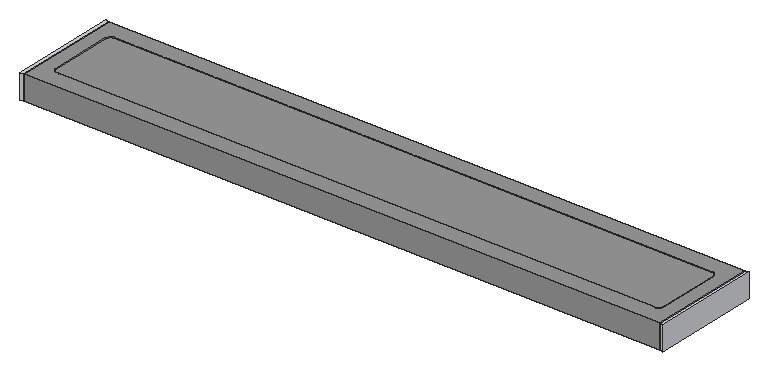
Revit family "0044075 Sylvania Lighting Fixture OPTIX S 1200 MPO D HO 4000K WHITE", category Lighting Fixtures, host Face, Revit 2016
Family settings
  Host = Face
  Part Type = Normal
  Round Connector Dimension = Use Diameter
  OmniClass Number = 23.80.70.00
  OmniClass Title = Lighting
  Cut with Voids When Loaded = No
  Light Source = Yes
  Shared = No
  Room Calculation Point = No
Parameters (values of type "0044075 OPTIX S 1200 MPO D HO 4K WHITE")
  spacer height = 5 mm
  spacer centres = 1000 mm
  lens width = 1135 mm
  full length = 1200 mm
  Width = 200 mm
  Weight = "n/a"
  Wattage Comments = ""
  Wattage = 9.2903 W
  WarrantyStartDate [instance] = "n/a"
  WarrantyGuarantorParts = "n/a"
  WarrantyDurationUnit = "n/a"
  WarrantyDurationParts = ""
  WarrantyDescription = "http://www.sylvania-lighting.com"
  built-in parameter 1150110 = 1 (stored number, unit not read)
  Voltage = 0 V
  URL = "0.95"
  TypeName = "OPTIX S 1200 MPO D HO 4000K WHITE"
  Type Image = <None>
  Type Comments = "n/a"
  built-in parameter 1114217 = 1 (stored number, unit not read)
  Tilt Angle = 90.00°
  built-in parameter 1150109 = 1 (stored number, unit not read)
  built-in parameter 1150134 = 3
  built-in parameter 1150113 = 1 (stored number, unit not read)
  SerialNumber [instance] = "n/a"
  Photometric Web File = "0044075.ies"
  Material_3_FEILO = none
  PowerFactor = 0
  PowerConsumption = "Lighting"
  NominalLength = 200 mm
  NominalHeight = 0 mm
  NominalDepth = 0 mm
  Name = "OPTIX S 1200 MPO D HO 4000K WHITE"
  ModelReference = Name  # "OPTIX S 1200 MPO D HO 4000K WHITE"
  ModelNumber = "0044075"
  Model = Name  # "OPTIX S 1200 MPO D HO 4000K WHITE"
  Material = "Feilo Sylvania"
  ManufacturerName = "118 lm/W"
  Manufacturer = ""
  LuminousEfficacy = ""
  built-in parameter 1150105 = 109.82 (stored number, unit not read)
  Lumens = 1380 lm
  LuminaireType = "0"
  built-in parameter 1150115 = 1 (stored number, unit not read)
  LightOutputRatio = "LED"
  built-in parameter 1150137 = (empty or 0)
  built-in parameter 1150139 = (empty or 0)
  Lens Width = 135 mm
  Length = 1188 mm
  LampsType = Lamp  # "n/a"
  LampNominalLuminous = "4000 K"
  LampMacAdamStep = "80"
  LampColourTemperature = "LED"
  LampColourRenderingIndex = "16500"
  built-in parameter 1150112 = 1 (stored number, unit not read)
  built-in parameter 1150114 = 1 (stored number, unit not read)
  Lamp = "n/a"
  Keynote = "n/a"
  InstallationDate [instance] = "n/a"
  InputVoltage = "0"
  InputNominalFrequency = "4000"
  built-in parameter 1150132 = (empty or 0)
  built-in parameter 1150102 = (empty or 0)
  built-in parameter 1150107 = 3200 (stored number, unit not read)
  built-in parameter 1150138 = (empty or 0)
  IngressProtection = "IfcLightFixtureType"
  ImpactProtectionIndex = "IfcLightFixtureType"
  built-in parameter 1150106 = 1.0982 (stored number, unit not read)
  IfcExportType = "IfcLightFixtureType"
  IfcExportAs = "Class I"
  Height = 50 mm
  ExpectedLife = 50000
  Emit from Circle Diameter = 609.6 mm
  Emit Shape Visible in Rendering = no
  ElectricShockClassification = "118"
  built-in parameter 1150104 = 13.8 (stored number, unit not read)
  DurationUnit = "hours"
  DocumentationLiterature = "http://www.sylvania-lighting.com/product/en-int/products/0044075"
  DimmingControlOptions = "n/a"
  Material_2_FEILO = none
  Dimming Lamp Color Temperature Shift = <None>
  Description = "OPTIX S 1200 MPO D HO 4K WHITE is a high efficacy low glare surface or suspended LED Linear luminaire with Micro Prismatic Optic, with direct light distribution, luminaire dimensions: 1200x200x50mm, Sylvania White body colour (RAL9016), IP20, IK07, Constant Current driver, low LED flicker (+/-5%), Neutral White (4000K) LED Colour Temperature, 3550lm luminous flux, 30W power consumption, 118lm/W system efficacy, CRI>80, SDCM 3 (3-step MacAdam ellipse) LED Colour Consistency, UGR<20, Luminance at 65° < 3000 cd/m2, lumen maintenance: L90B50 at 60000h, photobiological safety risk group 1. Electrical protection Class I."
  Default Elevation = 1219.2 mm
  CreatedOn = "20/10/2020"
  CreatedBy = "@sylvania-lighting.com"
  Cost = 0
  Color Filter = 16777215
  built-in parameter 1114216 [instance] = (empty or 0)
  ClassificationValue = "EF_70_80"
  ClassificationName = "Uniclass2015"
  Material_1_FEILO = none
  BarCode [instance] = "n/a"
  built-in parameter 1114218 = 1 (stored number, unit not read)
  built-in parameter 1150133 = 10 (stored number, unit not read)
  AssetType = "Fixed"
  AssetIdentifier [instance] = "n/a"
  Assembly Code = "D5020200"
  Apparent Load = 30 VA
  Material_4_FEILO = none
Reference planes
  plane 1 "Center (Front/Back)": y = 0
  plane 2: z = 0
  plane 3 "Center (Left/Right)": x = 0
  plane 4: z = 0
  plane 5: z = 50
  plane 6: y = 100
  plane 7: y = -100
  plane 8: x = -594
  plane 9: x = 594
  plane 10: z = 5
  plane 11: x = -500
  plane 12: x = 500
  plane 13: y = 10
  plane 14: y = -10
  plane 15: x = 487.5
  plane 16: x = 512.5
  plane 17: x = -512.5
  plane 18: x = -487.5
  plane 19: x = -567.5
  plane 20: x = 567.5
  plane 21: y = 67.5
  plane 22: y = -67.5
  plane 23: x = -557.5
  plane 24: y = 57.5
  plane 25: y = -57.5
  plane 26: x = 557.5
  plane 27: x = -600
  plane 28: x = 600
Forms (mm)
  Extrusion 1, solid, material "Aluminum 1100-H18", detail levels medium+fine
    sketch origin (4.2, 0, 0) x (1, 0, 0) y (0, 1, 0)
      loop
        line (-598.2, 100) -> (-598.2, -100) -> (589.8, -100) -> (589.8, 100) -> (-598.2, 100)
    from 5 to 50
  Extrusion 2, solid
    sketch origin (4.2, 0, 0) x (1, 0, 0) y (0, 1, 0)
      loop
        line (483.3, 10) -> (483.3, -10) -> (508.3, -10) -> (508.3, 10) -> (483.3, 10)
    from 0 to 5
  Extrusion 3, solid
    sketch origin (4.2, 0, 0) x (1, 0, 0) y (0, 1, 0)
      loop
        line (-516.7, 10) -> (-516.7, -10) -> (-491.7, -10) -> (-491.7, 10) -> (-516.7, 10)
    from 0 to 5
  Extrusion 4, void, detail levels fine
    sketch origin (4.2, 0, 0) x (0, 1, 0) y (1, 0, 0)
      loop
        line (67.5, -561.7) -> (67.5, 553.3)
        arc (67.5, 553.3) -> (64.571, 560.371) -> (57.5, 563.3) r 10
        line (57.5, 563.3) -> (-57.5, 563.3)
        arc (-57.5, 563.3) -> (-64.571, 560.371) -> (-67.5, 553.3) r 10
        line (-67.5, 553.3) -> (-67.5, -561.7)
        arc (-67.5, -561.7) -> (-64.571, -568.771) -> (-57.5, -571.7) r 10
        line (-57.5, -571.7) -> (57.5, -571.7)
        arc (57.5, -571.7) -> (64.571, -568.771) -> (67.5, -561.7) r 10
    from -50 to -48
  Extrusion 5, solid, detail levels medium+fine
    sketch origin (4.2, 0, 0) x (1, 0, 0) y (0, 1, 0)
      loop
        line (-604.2, 100) -> (-604.2, -100) -> (-598.2, -100) -> (-598.2, 100) -> (-604.2, 100)
    from 5 to 50
  Extrusion 6, solid, detail levels medium+fine
    sketch origin (4.2, 0, 0) x (1, 0, 0) y (0, 1, 0)
      loop
        line (589.8, 100) -> (589.8, -100) -> (595.8, -100) -> (595.8, 100) -> (589.8, 100)
    from 5 to 50
  Extrusion 7, solid, material "Glass, White, High Luminance", detail levels fine
    sketch origin (4.2, 0, 0) x (1, 0, 0) y (0, 1, 0)
      loop
        arc (-561.7, 67.5) -> (-568.771, 64.571) -> (-571.7, 57.5) r 10
        line (-571.7, 57.5) -> (-571.7, -57.5)
        arc (-571.7, -57.5) -> (-568.771, -64.571) -> (-561.7, -67.5) r 10
        line (-561.7, -67.5) -> (553.3, -67.5)
        arc (553.3, -67.5) -> (560.371, -64.571) -> (563.3, -57.5) r 10
        line (563.3, -57.5) -> (563.3, 57.5)
        arc (563.3, 57.5) -> (560.371, 64.571) -> (553.3, 67.5) r 10
        line (553.3, 67.5) -> (-561.7, 67.5)
    from 48 to 49.5
  Extrusion 8, solid, detail levels coarse
    sketch origin (4.2, 0, 0) x (1, 0, 0) y (0, 1, 0)
      loop
        line (-604.2, 100) -> (-604.2, -100) -> (595.8, -100) -> (595.8, 100) -> (-604.2, 100)
    from 0 to 50
Cuts and joins
  Extrusion 4 cuts Extrusion 2
  Extrusion 4 cuts Extrusion 3
  Extrusion 4 cuts Extrusion 1
Dimensions and locks
  "Width": plane 6 to plane 7
  equal spacing: plane 6, plane 1 "Center (Front/Back)", plane 7
  "Length": plane 8 to plane 9
  equal spacing: plane 8, plane 3 "Center (Left/Right)", plane 9
  "spacer height": plane 10 to host face
  "Height": plane 5 to level
  "spacer centres": plane 11 to plane 12
  equal spacing: plane 11, plane 3 "Center (Left/Right)", plane 12
  "lens width": plane 19 to plane 20
  equal spacing: plane 19, plane 3 "Center (Left/Right)", plane 20
  "Lens Width": plane 21 to plane 22
  equal spacing: plane 21, plane 1 "Center (Front/Back)", plane 22
  "full length": plane 27 to plane 28
  equal spacing: plane 27, plane 3 "Center (Left/Right)", plane 28
  aligned and locked: plane 2 to host face
  aligned and locked: level to host face
Automatic sketch dimensions
  host sketch curve to host sketch curve = 2438.4 mm  (x2)
  Extrusion 1 sketch curve to plane 7 = 0 mm
  Extrusion 1 sketch curve to plane 8 = 0 mm
  Extrusion 1 sketch curve to plane 9 = 0 mm
  Extrusion 1 sketch curve to plane 6 = 0 mm
  Extrusion 2 sketch curve to plane 14 = 0 mm
  Extrusion 2 sketch curve to plane 15 = 0 mm
  Extrusion 2 sketch curve to plane 16 = 0 mm
  Extrusion 2 sketch curve to plane 13 = 0 mm
  Extrusion 3 sketch curve to plane 14 = 0 mm
  Extrusion 3 sketch curve to plane 17 = 0 mm
  Extrusion 3 sketch curve to plane 18 = 0 mm
  Extrusion 3 sketch curve to plane 13 = 0 mm
  Extrusion 4 sketch curve to plane 22 = 0 mm
  Extrusion 4 sketch curve to plane 19 = 0 mm
  Extrusion 4 sketch curve to plane 25 = 0 mm  (x2)
  Extrusion 4 sketch curve to plane 20 = 0 mm
  Extrusion 4 sketch curve to plane 24 = 0 mm  (x2)
  Extrusion 4 sketch curve to plane 23 = 0 mm
  Extrusion 5 sketch curve to plane 7 = 0 mm
  Extrusion 5 sketch curve to plane 27 = 0 mm
  Extrusion 5 sketch curve to plane 8 = 0 mm
  Extrusion 5 sketch curve to plane 6 = 0 mm
  Extrusion 6 sketch curve to plane 7 = 0 mm
  Extrusion 6 sketch curve to plane 9 = 0 mm
  Extrusion 6 sketch curve to plane 28 = 0 mm
  Extrusion 6 sketch curve to plane 6 = 0 mm
  Extrusion 7 sketch curve to plane 23 = 0 mm  (x2)
  Extrusion 7 sketch curve to plane 21 = 0 mm
  Extrusion 7 sketch curve to plane 22 = 0 mm
  Extrusion 7 sketch curve to plane 26 = 0 mm  (x2)
  Extrusion 7 sketch curve to plane 20 = 0 mm
  Extrusion 7 sketch curve to plane 24 = 0 mm
  Extrusion 8 sketch curve to plane 7 = 0 mm
  Extrusion 8 sketch curve to plane 27 = 0 mm
  Extrusion 8 sketch curve to plane 28 = 0 mm
  Extrusion 8 sketch curve to plane 6 = 0 mm
Connectors
  electrical at (0, 0, 0), driven by "Apparent Load", driven by "PowerFactor", driven by "Voltage"
    settings: index 1, voltage 0 V, apparent load 30 VA, apparent load phase1 0 VA, apparent load phase2 0 VA, apparent load phase3 0 VA, power factor 0, load classification "Lighting", number of poles 1, system type 30, power factor state 1, is connector primary yes, connector utility no, sub classification motor no, connector description ""
